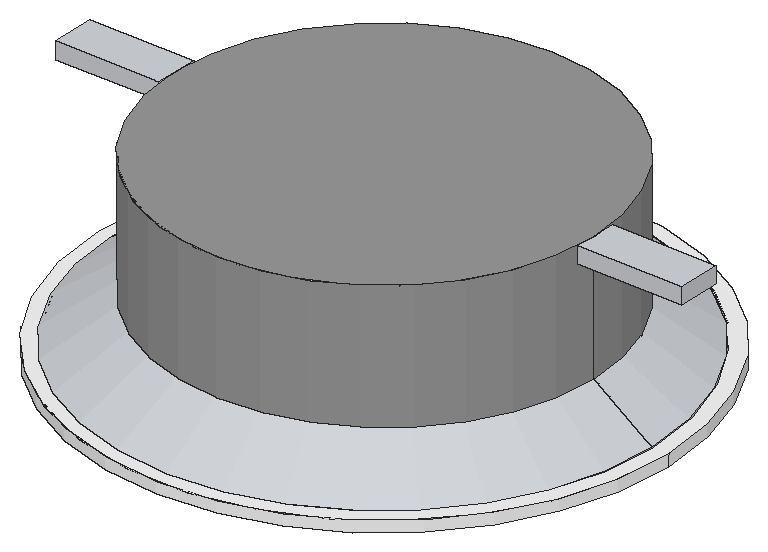
Revit family "FALCO-DOWN_LIGHT_LED_IP65_23W_O190+connect_19_3000K", category Lighting Fixtures, host Ceiling, Revit 2021
Family settings
  Host = Ceiling
  Round Connector Dimension = Use Diameter
  Part Type = Normal
  OmniClass Number = 23.80.70.11
  OmniClass Title = Luminaries for Internal Lighting
  Always vertical = Yes
  Cut with Voids When Loaded = No
  Light Source = Yes
  Shared = No
  Room Calculation Point = No
Parameters (values of type "Type 1")
  Wattage = 16.8303 W
  built-in parameter 1150110 = 1 (stored number, unit not read)
  URL = "https://www.lucera.fr/"
  built-in parameter 1114217 = 1 (stored number, unit not read)
  Tilt Angle = 90.00°
  built-in parameter 1150109 = 1 (stored number, unit not read)
  built-in parameter 1150134 = (empty or 0)
  built-in parameter 1150113 = 1 (stored number, unit not read)
  SDCM = "3"
  Puissance nominale = "23W"
  Photometric Web File = "google_eulumdat_converter.ies"
  Matériau = "Aluminium diffuseur PMMA"
  Manufacturer = "Lucera - Lucera (c) 06/01/2021 16:39:11 +01:00"  # constant formula
  Maintien du flux = "L80B10 (50 000 heures)"
  Lumens = 2500 lm
  built-in parameter 1150115 = 1 (stored number, unit not read)
  built-in parameter 1150105 = 198.94 (stored number, unit not read)
  built-in parameter 1150137 = (empty or 0)
  built-in parameter 1150139 = (empty or 0)
  built-in parameter 1150112 = 1 (stored number, unit not read)
  built-in parameter 1150114 = 1 (stored number, unit not read)
  Lamp = "LED XC-COB Bridgelux 2630"
  built-in parameter 1150132 = 2
  built-in parameter 1150102 = (empty or 0)
  built-in parameter 1150138 = (empty or 0)
  built-in parameter 1150107 = 3000 (stored number, unit not read)
  built-in parameter 1150106 = 1.9894 (stored number, unit not read)
  IRC = ">90"
  built-in parameter 1150104 = 13.8 (stored number, unit not read)
  Durée de vie = "50 000 heures"
  Driver = "Driver Lifud TUV CE CCC"
  Dimming Lamp Color Temperature Shift = <None>
  Dimensions = "Ø 190 mm, H = 60 mm"
  Dimension découpe = "Ø 170-175 mm"
  Default Elevation = 0 mm
  Couleur = "Blanc"
  Color Filter = 16777215
  built-in parameter 1114218 = 1 (stored number, unit not read)
  built-in parameter 1150133 = 10 (stored number, unit not read)
  Angle d'éclairage = "60°"
  Alimentation luminaire = "33-40V dc / 600mA"
  Alimentation Driver = "AC 220-240V"
Reference planes
  plane 1 "Light Source Axis (F/B)": y = 0
  plane 2: z = 0
  plane 3 "Light Source Axis (L/R)": x = 0
  plane 4 "Ceiling": z = 4000
  plane 5 "Light Source Elevation": z = 3985.451
Forms (mm)
  Extrusion 1, solid, material "Aluminum, Blanc"
    sketch origin (0, 0, 4000) x (0, 1, 0) y (-1, 0, 0)
      loop
        circle (0, 0) r 95
      loop
        circle (0, 0) r 90
    from -6.482 to -2.673
  Blend 2, solid
    base sketch origin (0, 0, 4000) x (0, 1, 0) y (-1, 0, 0)
      loop
        circle (0, 0.693) r 89.997
    top sketch origin (0, 0, 4000) x (0, 1, 0) y (-1, 0, 0)
      loop
        circle (0, 0.693) r 26.193
    from -2.673 to 42.175
  Extrusion 3, solid, material "Aluminum, Noir"
    sketch origin (0, 0, 4000) x (0, 1, 0) y (-1, 0, 0)
      loop
        circle (0, 0) r 70
    from 7.616 to 53.518
  Extrusion 4, solid, material "diffuseur PMMA"
    sketch origin (0, 0, 4000) x (0, 1, 0) y (-1, 0, 0)
      loop
        circle (0, 0) r 89.758
    from -6.482 to -4.919
  Extrusion 5, solid
    sketch origin (0, 0, 4000) x (0, 1, 0) y (-1, 0, 0)
      loop
        line (7.831, -70) -> (-6.624, -70) -> (-6.624, -104.497) -> (7.831, -104.497) -> (7.831, -70)
    from 48.087 to 53.518
  Extrusion 6, solid
    sketch origin (0, 0, 4000) x (0, -1, 0) y (1, 0, 0)
      loop
        line (-7.831, -70) -> (-7.831, -104.497) -> (6.624, -104.497) -> (6.624, -70) -> (-7.831, -70)
    from 48.087 to 53.518
Lines and regions (mm)
  reference lines
    curve 1: line (0, 0, 4000) -> (13, 0, 4000)
    curve 2: line (0, 0, 3993.518) -> (0, 0, 4053.518)
    curve 3: line (0, 0, 4000) -> (20.5, 0, 4000)
    curve 4: line (0, 0, 4000) -> (25.5, 0, 4000)
    curve 5: line (0, 0, 4000) -> (0, -95, 4000)
Dimensions and locks
  equal spacing: host sketch curve, plane 3 "Light Source Axis (L/R)", host sketch curve
  equal spacing: host sketch curve, plane 1 "Light Source Axis (F/B)", host sketch curve
  host sketch curve to host sketch curve = 4000 mm  (x2)
  plane 4 "Ceiling" to host ceiling = 0 mm
  aligned and locked: plane 1 "Light Source Axis (F/B)" to imposter light
  aligned and locked: plane 5 "Light Source Elevation" to imposter light
